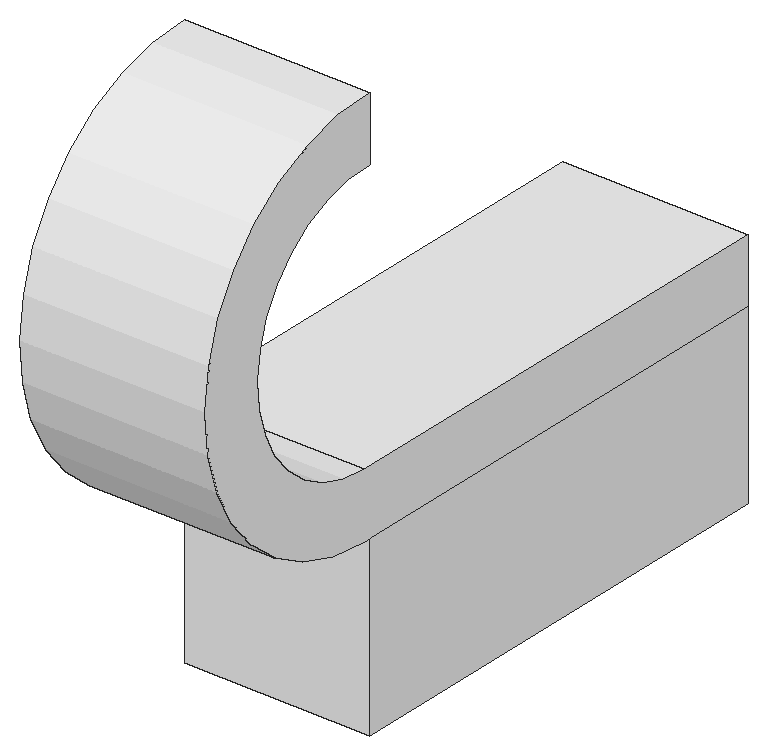
Revit family "Robe_Hook-Grohe-StarLight-41039_Series", category Plumbing Fixtures, host Face, Revit 2016
Family settings
  Host = Face
  Part Type = Normal
  Round Connector Dimension = Use Diameter
  Cut with Voids When Loaded = No
  Shared = Yes
  Room Calculation Point = No
Parameters (values of type "41039000")
  Width = 9/16"
  Waste Connection = no
  Warranty Information = ""
  WFU = 0
  Vent Connection = no
  URL = "https://www.grohe.us/"
  Type Comments = ""
  Product Page URL = ""
  Product Documentation Link = ""
  Price = "Prices may vary. Please consult Manufacturer Representative for most up-to-date price list."  # constant formula
  Model = "41039000"
  Manufacturer = "Grohe"  # constant formula
  Length = 1 3/4"
  Installation Type = "Wall"  # constant formula
  Height = 2 1/16"
  HWFU = 0
  HW Connection = no
  Finish = Metal-Grohe-000-StarLight Chrome
  Description = "Robe Hook"  # constant formula
  Default Elevation = 0"
  Creation Date = "08/18/2020"
  CWFU = 0
  CW Connection = no
  Assembly Code = ""
  ADA Compliant = yes
Types (6): name | Model | Finish
  (no name) | "41039000" | Metal-Grohe-000-StarLight Chrome
  41039000 | "41039000" | Metal-Grohe-000-StarLight Chrome
  41039A00 | "41039A00" | Metal-Grohe-A00-Hard Graphite
  41039BE0 | "41039BE0" | Metal-Grohe-BE0-Polished Nickel InfinityFinish
  41039EN0 | "41039EN0" | Metal-Grohe-EN0-Brushed Nickel InfinityFinish
  41039GN0 | "41039GN0" | Metal-Grohe-GN0-Brushed Cool Sunrise
Reference planes (in)
  plane 1 "Center (Front/Back)": y = 0
  plane 2: z = 0
  plane 3 "Center (Left/Right)": x = 0
  plane 4: z = 1.75
  plane 5: y = -2.0625
Forms (in)
  Extrusion 1, solid, material "Metal-Grohe-000-StarLight Chrome" <- "Finish"
    sketch origin (0, 0, 0) x (1, 0, 0) y (0, 1, 0)
      loop
        line (-0.28125, 0) -> (-0.28125, -1.4375) -> (0.28125, -1.4375) -> (0.28125, 0) -> (-0.28125, 0)
    from 0 to 0.53587
  Extrusion 2, solid, material "Metal-Grohe-000-StarLight Chrome" <- "Finish"
    sketch origin (0, 0, 0) x (0, 1, 0) y (0, 0, 1)
      loop
        line (-1.45543, 0.53587) -> (0, 0.53587) -> (0, 0.73308) -> (-1.45543, 0.73308)
        arc (-1.45543, 0.73308) -> (-1.86519, 1.15206) -> (-1.43718, 1.55238) r 0.40985
        line (-1.43718, 1.55238) -> (-1.43718, 1.74973)
        arc (-1.43718, 1.74973) -> (-2.06243, 1.15206) -> (-1.45543, 0.53587) r 0.60707
    from -0.28125 to 0.28125
Lines and regions (in)
  Masking region 1
    outline origin (0, 0, 0) x (1, 0, 0) y (0, 0, 1)
      loop
        line (0.28125, 1.74973) -> (-0.28125, 1.74973) -> (-0.28125, 0.53587) -> (-0.28125, 0) -> (0.28125, 0) -> (0.28125, 0.53587) -> (0.28125, 1.74973)
  symbolic lines, detail levels medium+fine
    curve 1: line (-0.28125, 0, 0.53587) -> (0.28125, 0, 0.53587)
  symbolic lines, detail levels fine
    curve 2: line (0.28125, 0, 0.73308) -> (-0.28125, 0, 0.73308)
    curve 3: line (0.28125, 0, 1.55238) -> (-0.28125, 0, 1.55238)
Dimensions and locks (in)
  locked: Extrusion 1 sketch curve to plane 1 "Center (Front/Back)" at 1.4375
  equal spacing: Extrusion 1 sketch curve, plane 3 "Center (Left/Right)", Extrusion 1 sketch curve
  locked: host face to Extrusion 1 at 0.53587
  plane 4 to host face = 1 3/4"
  plane 1 "Center (Front/Back)" to plane 5 = 2 1/16"
  locked: plane 1 "Center (Front/Back)" to Extrusion 2 sketch curve at 1.45543  (x2)
  locked: Extrusion 2 sketch curve to host face at 1.14293  (x2)
  locked: Extrusion 2 sketch curve to host face at 0.73308
  locked: plane 1 "Center (Front/Back)" to Extrusion 2 sketch curve at 1.43718
  "Length": Extrusion 2 to host face
  "Height": Extrusion 1 to Extrusion 2
  "Width": Extrusion 1 to Extrusion 1
  aligned and locked: plane 2 to host face
  aligned and locked: level to host face
  aligned and locked: plane 1 "Center (Front/Back)" to Extrusion 1 sketch curve
  aligned and locked: Extrusion 1 to host face
  aligned and locked: Extrusion 2 sketch curve to Extrusion 1
  aligned and locked: plane 1 "Center (Front/Back)" to Extrusion 2 sketch curve
  aligned and locked: Extrusion 1 to Extrusion 2
  aligned and locked: Extrusion 2 to Extrusion 1
  aligned and locked: Masking region 1 sketch curve to Extrusion 2  (x2)
  aligned and locked: Masking region 1 sketch curve to Extrusion 1  (x3)
  aligned and locked: Extrusion 2 to Masking region 1 sketch curve
  aligned and locked: curve 1 to Extrusion 2
  aligned and locked: curve 2 to Extrusion 2
Automatic sketch dimensions
  host sketch curve to host sketch curve = 96"  (x2)
  Extrusion 1 sketch curve to plane 3 "Center (Left/Right)" = 9/32"
  Masking region 1 sketch curve to Masking region 1 sketch curve = 0.53587"  (x2)
  curve 3 to plane 3 "Center (Left/Right)" = 9/32"
  curve 2 to plane 3 "Center (Left/Right)" = 9/32"
  curve 2 to curve 1 = 0"  (x2)
  plane 3 "Center (Left/Right)" to curve 3 = 9/32"
  plane 3 "Center (Left/Right)" to curve 2 = 9/32"
  curve 3 to plane 4 = 0.19762"
